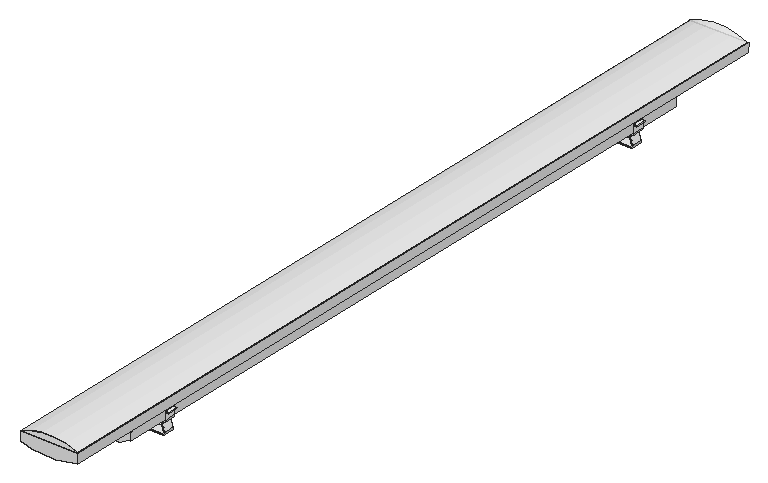
Revit family "Lighting-Industriale-GEWISS-SMART[3]PLUS-PLAFONIERA-LED-EMERGENZA_OPALE_1600mm", category Apparecchi per illuminazione, host Superficie, Revit 2019
Family settings
  Host = Superficie
  Quota connettore circolare = Usa diametro
  Tipo di parte = Normale
  Numero OmniClass = 23.80.70.11
  Titolo OmniClass = Luminaries for Internal Lighting
  Taglio con vuoti quando caricato = No
  Sorgente d'illuminazione = No
  Condiviso = No
  Punto di calcolo locali = No
Parameters (values of type "GWS3325AP957 - SMART3 PLUS 1600 EMERG DT1+DT6 HE OPAL 9 57")
  Versione file RFA = "20.0"
  URL = "https://www.gewiss.com/it/it"
  Tipologia sorgente luminosa = "LED - Non sostituibile"
  Tipologia = ""
  Tipo alimentatore = ""
  Tensione = "220-240 V "
  Temperatura di utilizzo = "ND"
  Temperatura di funzionamento = "ND"
  Temperatura di colore: = "5700 K (CRI > 90)"
  Temperatura di colore = "5700 K (CRI > 90)"
  Struttura = GEWISS - SMART 3 - GRIGIO
  Stampa 1_200 = no
  Stampa 1_100 = not(Stampa 1_200)  # yes
  Spostamento_Y_etichetta [instance] = 0 mm
  Spostamento_Y_effettivo_etichetta [instance] = 1500 mm - Spostamento_Y_etichetta  # 1500 mm
  Spostamento_X_etichetta [instance] = 0 mm
  Spostamento_X_effettivo_etichetta [instance] = 1500 mm - Spostamento_X_etichetta  # 1500 mm
  Schermo. = Gewiss - Led Acceso
  Schermo = "Opale"
  Scheda Tecnica = "https://www.gewiss.com/it/it/search?q=GWS3325AP957"
  SEO = "Plafoniera"
  Resistenza agli urti = "IK08"
  Default Elevation = 1219.2 mm
  Produttore = "GEWISS S.p.A."
  Potenza di sistema = "50 W"
  Peso (kg): = ""
  NÂ° LED (#) = ""
  Modello = "GWS3325AP957"
  Lunghezza Lampada = 1600 mm  # constant formula
  Lunghezza = "1600 mm"
  Lumen output (lm) = "5200"
  Lampada: = "LED"
  Lampada = "LED"
  LED LifeTime (L80B20) = ""
  LED Life time (L90B50) = ""
  LED Life time (L80B50) = ""
  LED Life time (L70) = ""
  Immagine tipo = GWS3158P.jpg
  IFC.TypeObject = ""
  IFC.ExportType = ""
  IFC.ExportAs = ""
  IDT = "fc3a2e1b-6a5f-4da6-a0ae-96bfc5d9bbbb"
  IDF = "85711e4a-cc34-4edf-afe5-693d24e48af9"
  Grado di protezione = "IP66/IP69"
  Glow Wire Test = "850°C"
  Garanzia = "ND"
  Ganci = GEWISS  - ALLUMINIO
  Flusso nominale (lm) = ""
  Failure rate apparecchio (50.000h, Tq=25Â° C) = ""
  Failure rate apparecchio (35.000h, Tq=35Â° C) = ""
  Descrizione = "SMART3 PLUS 1600 EMERG DT1+DT6 HE OPAL 9 57"
  Creato da GEWISS S.p.A. = ""
  Commenti sul wattaggio = "55W"
  Codice Electrocod = "2434"
  Codice EAN = ""
  Classe isolamento = "II"
  Classe di efficienza LED integrati = "A ÷ A++"
  Catalogo Serie = "SMART[3] PLUS"
  Catalogo = "LIGHTING"
  Carico apparente = 55 VA
  COBie.Tagnumber = ""
  COBie.CreatedOn = ""
  COBie.CreatebBy = ""
  COBie.ComponentRegisterItemID = ""
  COBie.Component.TagNumber = ""
  COBie.Component.Space = ""
  COBie.Component.SerialNumber = ""
  COBie.Component.InstallationDate = ""
  COBie.Component.Description = ""
  COBie.Component.BarCode = ""
  Applicazione = "Interno"
  Apparecchio a ridotta temperatura superficiale = ""
Types (7, lengths in mm): name | Temperatura di colore: | Temperatura di colore | Scheda Tecnica | Modello | Lumen output (lm) | IDT | Descrizione | Commenti sul wattaggio | Carico apparente
  (no name) | "5700 K (CRI > 90)" | "5700 K (CRI > 90)" | "https://www.gewiss.com/it/it/search?q=GWS3325AP957" | "GWS3325AP957" | "5200" | "fc3a2e1b-6a5f-4da6-a0ae-96bfc5d9bbbb" | "SMART3 PLUS 1600 EMERG DT1+DT6 HE OPAL 9 57" | "55W" | 55 VA
  GWS3325AP830 - SMART3 PLUS 1600 EMERG DT1+DT6 HE OPAL 8 30 | "3000 K (CRI > 80)" | "3000 K (CRI > 80)" | "https://www.gewiss.com/it/it/search?q=GWS3325AP830" | "GWS3325AP830" | "6300" | "dc5e4828-52ce-422c-9b6b-c38c54410b43" | "SMART3 PLUS 1600 EMERG DT1+DT6 HE OPAL 8 30" | "53W" | 53 VA
  GWS3325AP840 - SMART3 PLUS 1600 EMERG DT1+DT6 HE OPAL 8 40 | "4000 K (CRI > 80)" | "4000 K (CRI > 80)" | "https://www.gewiss.com/it/it/search?q=GWS3325AP840" | "GWS3325AP840" | "6600" | "92695f94-24f2-461d-a178-f8fbf5aad911" | "SMART3 PLUS 1600 EMERG DT1+DT6 HE OPAL 8 40" | "53W" | 53 VA
  GWS3325AP857 - SMART3 PLUS 1600 EMERG DT1+DT6 HE OPAL 8 57 | "5700 K (CRI > 80)" | "5700 K (CRI > 80)" | "https://www.gewiss.com/it/it/search?q=GWS3325AP857" | "GWS3325AP857" | "6600" | "c8afbca4-96a4-4207-8ed0-41c1df6e7fe8" | "SMART3 PLUS 1600 EMERG DT1+DT6 HE OPAL 8 57" | "53W" | 53 VA
  GWS3325AP930 - SMART3 PLUS 1600 EMERG DT1+DT6 HE OPAL 9 30 | "3000 K (CRI > 90)" | "3000 K (CRI > 90)" | "https://www.gewiss.com/it/it/search?q=GWS3325AP930" | "GWS3325AP930" | "4900" | "ed5fe9f1-9f1e-4a73-9cdc-b7d59c384a9c" | "SMART3 PLUS 1600 EMERG DT1+DT6 HE OPAL 9 30" | "55W" | 55 VA
  GWS3325AP940 - SMART3 PLUS 1600 EMERG DT1+DT6 HE OPAL 9 40 | "4000 K (CRI > 90)" | "4000 K (CRI > 90)" | "https://www.gewiss.com/it/it/search?q=GWS3325AP940" | "GWS3325AP940" | "5200" | "234f1ffd-bc96-4e99-876c-25112666cdf4" | "SMART3 PLUS 1600 EMERG DT1+DT6 HE OPAL 9 40" | "55W" | 55 VA
  GWS3325AP957 - SMART3 PLUS 1600 EMERG DT1+DT6 HE OPAL 9 57 | "5700 K (CRI > 90)" | "5700 K (CRI > 90)" | "https://www.gewiss.com/it/it/search?q=GWS3325AP957" | "GWS3325AP957" | "5200" | "fc3a2e1b-6a5f-4da6-a0ae-96bfc5d9bbbb" | "SMART3 PLUS 1600 EMERG DT1+DT6 HE OPAL 9 57" | "55W" | 55 VA
Reference planes
  plane 1 "Centro (Fronte/Retro)": y = 0
  plane 2: z = 0
  plane 3 "Centro (Sinistra/Destra)": x = 0
  plane 4: x = -1500
  plane 5: y = -1500
  plane 6: x = 0
  plane 7: y = 0
Forms (mm)
  Extrusion 1, solid, material "GEWISS  - ALLUMINIO" <- "Ganci", detail levels medium+fine
    sketch origin (0, 0, 0) x (1, 0, 0) y (0, 0, 1)
      loop
        arc (31.431, -0.002) -> (34.576, 1.589) -> (35.156, 5.066) r 3.903
        line (35.156, 5.066) -> (29.612, 23.211)
        arc (29.612, 23.211) -> (29.883, 24.381) -> (31.032, 24.73) r 1.2
        line (31.032, 24.73) -> (34.307, 23.974)
        arc (34.307, 23.974) -> (36.765, 24.53) -> (37.859, 26.8) r 2.9
        line (37.859, 26.8) -> (37.859, 38.8)
        arc (37.859, 38.8) -> (37.648, 39.694) -> (37.059, 40.4) r 2
        line (37.059, 40.4) -> (37.059, 42.71) -> (42.861, 40.598) -> (43.203, 41.538) -> (37.53, 43.603)
        arc (37.53, 43.603) -> (37.019, 43.613) -> (36.605, 43.311) r 0.8
        line (36.605, 43.311) -> (36.306, 26.139)
        arc (36.306, 26.139) -> (35.6, 25.444) -> (34.616, 25.34) r 1.5
        line (34.616, 25.34) -> (31.344, 26.095)
        arc (31.344, 26.095) -> (28.858, 25.335) -> (28.273, 22.802) r 2.6
        line (28.273, 22.802) -> (33.827, 4.636)
        arc (33.827, 4.636) -> (33.449, 2.415) -> (31.438, 1.4) r 2.5
        line (31.438, 1.4) -> (-31.437, 1.4)
        arc (-31.437, 1.4) -> (-33.449, 2.415) -> (-33.827, 4.636) r 2.5
        line (-33.827, 4.636) -> (-28.273, 22.802)
        arc (-28.273, 22.802) -> (-28.858, 25.335) -> (-31.344, 26.095) r 2.6
        line (-31.344, 26.095) -> (-34.616, 25.34)
        arc (-34.616, 25.34) -> (-35.6, 25.444) -> (-36.306, 26.139) r 1.5
        line (-36.306, 26.139) -> (-36.605, 43.311)
        arc (-36.605, 43.311) -> (-37.019, 43.613) -> (-37.53, 43.603) r 0.8
        line (-37.53, 43.603) -> (-43.203, 41.538) -> (-42.861, 40.598) -> (-37.059, 42.71) -> (-37.059, 40.4)
        arc (-37.059, 40.4) -> (-37.648, 39.694) -> (-37.859, 38.8) r 2
        line (-37.859, 38.8) -> (-37.859, 26.8)
        arc (-37.859, 26.8) -> (-36.765, 24.53) -> (-34.307, 23.974) r 2.9
        line (-34.307, 23.974) -> (-31.032, 24.73)
        arc (-31.032, 24.73) -> (-29.883, 24.381) -> (-29.612, 23.211) r 1.2
        line (-29.612, 23.211) -> (-35.156, 5.066)
        arc (-35.156, 5.066) -> (-34.576, 1.589) -> (-31.431, -0.002) r 3.903
        line (-31.431, -0.002) -> (31.431, -0.002)
    from 548.766 to 568.766
  Extrusion 2, solid, material "GEWISS  - ALLUMINIO" <- "Ganci", detail levels medium+fine
    sketch origin (0, 0, 0) x (1, 0, 0) y (0, 0, -1)
      loop
        line (31.431, 0.002) -> (-31.431, 0.002)
        arc (-31.431, 0.002) -> (-34.576, -1.589) -> (-35.156, -5.066) r 3.903
        line (-35.156, -5.066) -> (-29.612, -23.211)
        arc (-29.612, -23.211) -> (-29.883, -24.381) -> (-31.032, -24.73) r 1.2
        line (-31.032, -24.73) -> (-34.307, -23.974)
        arc (-34.307, -23.974) -> (-36.765, -24.53) -> (-37.859, -26.8) r 2.9
        line (-37.859, -26.8) -> (-37.859, -38.8)
        arc (-37.859, -38.8) -> (-37.648, -39.694) -> (-37.059, -40.4) r 2
        line (-37.059, -40.4) -> (-37.059, -42.71) -> (-42.861, -40.598) -> (-43.203, -41.538) -> (-37.53, -43.603)
        arc (-37.53, -43.603) -> (-37.019, -43.613) -> (-36.605, -43.311) r 0.8
        line (-36.605, -43.311) -> (-36.306, -26.139)
        arc (-36.306, -26.139) -> (-35.6, -25.444) -> (-34.616, -25.34) r 1.5
        line (-34.616, -25.34) -> (-31.344, -26.095)
        arc (-31.344, -26.095) -> (-28.858, -25.335) -> (-28.273, -22.802) r 2.6
        line (-28.273, -22.802) -> (-33.827, -4.636)
        arc (-33.827, -4.636) -> (-33.449, -2.415) -> (-31.437, -1.4) r 2.5
        line (-31.437, -1.4) -> (31.438, -1.4)
        arc (31.438, -1.4) -> (33.449, -2.415) -> (33.827, -4.636) r 2.5
        line (33.827, -4.636) -> (28.273, -22.802)
        arc (28.273, -22.802) -> (28.858, -25.335) -> (31.344, -26.095) r 2.6
        line (31.344, -26.095) -> (34.616, -25.34)
        arc (34.616, -25.34) -> (35.6, -25.444) -> (36.306, -26.139) r 1.5
        line (36.306, -26.139) -> (36.605, -43.311)
        arc (36.605, -43.311) -> (37.019, -43.613) -> (37.53, -43.603) r 0.8
        line (37.53, -43.603) -> (43.203, -41.538) -> (42.861, -40.598) -> (37.059, -42.71) -> (37.059, -40.4)
        arc (37.059, -40.4) -> (37.648, -39.694) -> (37.859, -38.8) r 2
        line (37.859, -38.8) -> (37.859, -26.8)
        arc (37.859, -26.8) -> (36.765, -24.53) -> (34.307, -23.974) r 2.9
        line (34.307, -23.974) -> (31.032, -24.73)
        arc (31.032, -24.73) -> (29.883, -24.381) -> (29.612, -23.211) r 1.2
        line (29.612, -23.211) -> (35.156, -5.066)
        arc (35.156, -5.066) -> (34.576, -1.589) -> (31.431, 0.002) r 3.903
    from 548.766 to 568.766
  Extrusion 3, solid, material "GEWISS - SMART 3 - GRIGIO" <- "Struttura", detail levels medium+fine
    sketch origin (0, 0, 0) x (1, 0, 0) y (0, 0, 1)
      loop
        line (-36.331, 55.757) -> (-35.847, 28.018)
        arc (-35.847, 28.018) -> (-33.139, 27.27) -> (-30.416, 26.58) r 129.5
        arc (-30.416, 26.58) -> (-28.066, 25.76) -> (-25.915, 24.506) r 13
        arc (-25.915, 24.506) -> (-24.23, 23.324) -> (-22.521, 22.178) r 99.5
        arc (-22.521, 22.178) -> (-16.401, 19.063) -> (-9.748, 17.365) r 31.146
        line (-9.748, 17.365) -> (12.491, 17.365)
        arc (12.491, 17.365) -> (17.822, 19.098) -> (22.764, 21.745) r 31.646
        arc (22.764, 21.745) -> (24.509, 22.915) -> (26.228, 24.122) r 100
        arc (26.228, 24.122) -> (28.283, 25.313) -> (30.525, 26.095) r 12.5
        arc (30.525, 26.095) -> (33.437, 26.834) -> (36.332, 27.64) r 130
        line (36.332, 27.64) -> (36.824, 55.851)
        arc (36.824, 55.851) -> (24.914, 53.937) -> (12.909, 52.764) r 195.047
        line (12.909, 52.764) -> (-12.909, 52.764)
        arc (-12.909, 52.764) -> (-24.665, 53.905) -> (-36.331, 55.757) r 195.047
    from -650 to 650
  Extrusion 4, solid, material "GEWISS - SMART 3 - GRIGIO" <- "Struttura", detail levels medium+fine
    sketch origin (0, 0, 0) x (1, 0, 0) y (0, 0, 1)
      loop
        line (54.725, 60.184) -> (55.177, 77.445) -> (-55.177, 77.445) -> (-54.725, 60.184)
        arc (-54.725, 60.184) -> (-34.019, 55.332) -> (-12.909, 52.764) r 195.047
        line (-12.909, 52.764) -> (12.909, 52.764)
        arc (12.909, 52.764) -> (34.019, 55.332) -> (54.725, 60.184) r 195.047
    from -800 to 800
  Extrusion 5, solid, material "Gewiss - Led Acceso" <- "Schermo.", detail levels medium+fine
    sketch origin (0, 0, 0) x (1, 0, 0) y (0, 0, 1)
      loop
        arc (54.697, 78.441) -> (-0.014, 90.457) -> (-54.723, 78.429) r 130.5
        arc (-54.723, 78.429) -> (-54.988, 77.838) -> (-54.5, 77.445) r 0.5
        line (-54.5, 77.445) -> (54.479, 77.445)
        arc (54.479, 77.445) -> (54.988, 77.855) -> (54.697, 78.441) r 0.522
    from -800 to 800
  Extrusion 6, solid, material "GEWISS - SMART 3 - GRIGIO" <- "Struttura", detail levels coarse
    sketch origin (0, 0, 0) x (1, 0, 0) y (0, 0, 1)
      loop
        line (-54.5, 90.439) -> (-54.5, 0) -> (54.5, 0) -> (54.5, 90.439) -> (-54.5, 90.439)
    from -800 to 800
Lines and regions (mm)
  Masking region 1
    outline origin (0, 0, 0) x (1, 0, 0) y (0, 1, 0)
      loop
        line (-55.177, 800) -> (-55.177, -800) -> (55.177, -800) -> (55.177, 800) -> (-55.177, 800)
  symbolic lines, style "GEWISS - LIGHT 2D"
    curve 1: line (0, 528.766, 0) -> (0, -511.234, 0)
Dimensions and locks
  plane 4 to plane 3 "Centro (Sinistra/Destra)" = 1500 mm
  "Spostamento_X_effettivo_etichetta": plane 4 to plane 6
  "Spostamento_Y_effettivo_etichetta": plane 7 to plane 5
  plane 1 "Centro (Fronte/Retro)" to plane 5 = 1500 mm
  aligned and locked: plane 2 to host face
  aligned and locked: level to host face
  aligned and locked: Masking region 1 sketch curve to Extrusion 4  (x4)
  aligned and locked: plane 6 to nested 1
  aligned and locked: nested 1 to plane 7
  aligned and locked: curve 1 to plane 3 "Centro (Sinistra/Destra)"
Automatic sketch dimensions
  host sketch curve to host sketch curve = 2438.4 mm  (x2)
  Extrusion 1 sketch curve to Extrusion 1 sketch curve = 0 mm  (x28)
  Extrusion 1 sketch curve to plane 3 "Centro (Sinistra/Destra)" = 43.203 mm
  level to Extrusion 1 sketch curve = 40.598 mm
  Extrusion 1 sketch curve to Extrusion 1 sketch curve = 0.342 mm  (x2)
  Extrusion 1 sketch curve to Extrusion 1 sketch curve = 5.002 mm  (x2)
  Extrusion 1 sketch curve to Extrusion 1 sketch curve = 0.329 mm
  Extrusion 1 sketch curve to Extrusion 1 sketch curve = 0.271 mm  (x2)
  Extrusion 1 sketch curve to Extrusion 1 sketch curve = 0.8 mm  (x2)
  Extrusion 1 sketch curve to Extrusion 1 sketch curve = 0.454 mm  (x2)
  Extrusion 1 sketch curve to Extrusion 1 sketch curve = 1.554 mm
  Extrusion 1 sketch curve to Extrusion 1 sketch curve = 2 mm
  level to Extrusion 1 sketch curve = 5.066 mm  (x2)
  Extrusion 1 sketch curve to Extrusion 1 sketch curve = 1.15 mm
  Extrusion 1 sketch curve to Extrusion 1 sketch curve = 1.346 mm  (x2)
  Extrusion 1 sketch curve to Extrusion 1 sketch curve = 0.343 mm  (x2)
  level to Extrusion 1 sketch curve = 4.636 mm  (x2)
  Extrusion 1 sketch curve to Extrusion 1 sketch curve = 1.329 mm  (x2)
  level to Extrusion 1 sketch curve = 1.4 mm
  Extrusion 1 sketch curve to Extrusion 1 sketch curve = 2.389 mm  (x2)
  Extrusion 1 sketch curve to Extrusion 1 sketch curve = 0.007 mm  (x2)
  Extrusion 1 sketch curve to Extrusion 1 sketch curve = 3.584 mm  (x2)
  Extrusion 1 sketch curve to Extrusion 1 sketch curve = 0.273 mm  (x2)
  plane 3 "Centro (Sinistra/Destra)" to Extrusion 1 sketch curve = 30.759 mm
  Extrusion 1 sketch curve to level = 0.002 mm
  Extrusion 1 sketch curve to Extrusion 1 sketch curve = 0.672 mm
  Extrusion 1 sketch curve to Extrusion 1 sketch curve = 0.9 mm
  level to Extrusion 1 sketch curve = 26.139 mm
  Extrusion 1 sketch curve to Extrusion 1 sketch curve = 0.746 mm
  Extrusion 1 sketch curve to Extrusion 1 sketch curve = 0.2 mm
  Extrusion 1 sketch curve to Extrusion 1 sketch curve = 2.577 mm
  Extrusion 1 sketch curve to Extrusion 1 sketch curve = 18.496 mm
  Extrusion 1 sketch curve to Extrusion 1 sketch curve = 1.169 mm  (x2)
  Extrusion 1 sketch curve to Extrusion 1 sketch curve = 0.799 mm  (x2)
  Extrusion 1 sketch curve to Extrusion 1 sketch curve = 0.609 mm
  Extrusion 1 sketch curve to Extrusion 1 sketch curve = 1.798 mm  (x2)
  Extrusion 1 sketch curve to Extrusion 1 sketch curve = 12 mm
  Extrusion 1 sketch curve to Extrusion 1 sketch curve = 0.94 mm  (x2)
  Extrusion 1 sketch curve to Extrusion 1 sketch curve = 0.14 mm  (x2)
  Extrusion 1 sketch curve to Extrusion 1 sketch curve = 0.309 mm  (x2)
  Extrusion 1 sketch curve to Extrusion 1 sketch curve = 0.312 mm  (x2)
  Extrusion 1 sketch curve to Extrusion 1 sketch curve = 1.148 mm  (x2)
  Extrusion 1 sketch curve to Extrusion 1 sketch curve = 1.339 mm
  Extrusion 1 sketch curve to Extrusion 1 sketch curve = 2.486 mm
  Extrusion 1 sketch curve to Extrusion 1 sketch curve = 0.409 mm  (x2)
  Extrusion 2 sketch curve to Extrusion 2 sketch curve = 0 mm  (x28)
  Extrusion 2 sketch curve to plane 3 "Centro (Sinistra/Destra)" = 43.203 mm
  level to Extrusion 2 sketch curve = 40.598 mm
  Extrusion 2 sketch curve to Extrusion 2 sketch curve = 0.342 mm  (x2)
  Extrusion 2 sketch curve to Extrusion 2 sketch curve = 5.002 mm  (x2)
  Extrusion 2 sketch curve to Extrusion 2 sketch curve = 0.329 mm
  Extrusion 2 sketch curve to Extrusion 2 sketch curve = 0.271 mm  (x2)
  Extrusion 2 sketch curve to Extrusion 2 sketch curve = 0.8 mm  (x2)
  Extrusion 2 sketch curve to Extrusion 2 sketch curve = 0.454 mm  (x2)
  Extrusion 2 sketch curve to Extrusion 2 sketch curve = 1.554 mm
  Extrusion 2 sketch curve to Extrusion 2 sketch curve = 2 mm
  level to Extrusion 2 sketch curve = 5.066 mm  (x2)
  Extrusion 2 sketch curve to Extrusion 2 sketch curve = 1.15 mm
  Extrusion 2 sketch curve to Extrusion 2 sketch curve = 1.346 mm  (x2)
  Extrusion 2 sketch curve to Extrusion 2 sketch curve = 0.343 mm  (x2)
  level to Extrusion 2 sketch curve = 4.636 mm  (x2)
  Extrusion 2 sketch curve to Extrusion 2 sketch curve = 1.329 mm  (x2)
  level to Extrusion 2 sketch curve = 1.4 mm
  Extrusion 2 sketch curve to Extrusion 2 sketch curve = 2.389 mm  (x2)
  Extrusion 2 sketch curve to Extrusion 2 sketch curve = 0.007 mm  (x2)
  Extrusion 2 sketch curve to Extrusion 2 sketch curve = 3.584 mm  (x2)
  Extrusion 2 sketch curve to Extrusion 2 sketch curve = 0.273 mm  (x2)
  plane 3 "Centro (Sinistra/Destra)" to Extrusion 2 sketch curve = 30.759 mm
  Extrusion 2 sketch curve to level = 0.002 mm
  Extrusion 2 sketch curve to Extrusion 2 sketch curve = 0.672 mm
  Extrusion 2 sketch curve to Extrusion 2 sketch curve = 0.9 mm
  level to Extrusion 2 sketch curve = 26.139 mm
  Extrusion 2 sketch curve to Extrusion 2 sketch curve = 0.746 mm
  Extrusion 2 sketch curve to Extrusion 2 sketch curve = 0.2 mm
  Extrusion 2 sketch curve to Extrusion 2 sketch curve = 14.46 mm
  Extrusion 2 sketch curve to Extrusion 2 sketch curve = 0.94 mm  (x2)
  Extrusion 2 sketch curve to Extrusion 2 sketch curve = 0.14 mm  (x2)
  Extrusion 2 sketch curve to Extrusion 2 sketch curve = 2.31 mm  (x2)
  Extrusion 2 sketch curve to Extrusion 2 sketch curve = 12 mm
  Extrusion 2 sketch curve to Extrusion 2 sketch curve = 0.661 mm  (x2)
  Extrusion 2 sketch curve to Extrusion 2 sketch curve = 0.609 mm  (x2)
  Extrusion 2 sketch curve to Extrusion 2 sketch curve = 1.169 mm  (x2)
  Extrusion 2 sketch curve to Extrusion 2 sketch curve = 0.309 mm  (x2)
  Extrusion 2 sketch curve to Extrusion 2 sketch curve = 0.312 mm  (x2)
  Extrusion 2 sketch curve to Extrusion 2 sketch curve = 1.148 mm  (x2)
  Extrusion 2 sketch curve to Extrusion 2 sketch curve = 1.339 mm
  Extrusion 2 sketch curve to Extrusion 2 sketch curve = 2.486 mm
  Extrusion 2 sketch curve to Extrusion 2 sketch curve = 1.365 mm  (x2)
  Extrusion 3 sketch curve to plane 3 "Centro (Sinistra/Destra)" = 36.331 mm
  Extrusion 3 sketch curve to Extrusion 3 sketch curve = 0.484 mm
  Extrusion 3 sketch curve to Extrusion 3 sketch curve = 2.34 mm
  Extrusion 3 sketch curve to plane 3 "Centro (Sinistra/Destra)" = 32.068 mm
  Extrusion 3 sketch curve to plane 3 "Centro (Sinistra/Destra)" = 12.909 mm
  Extrusion 3 sketch curve to plane 3 "Centro (Sinistra/Destra)" = 9.748 mm
  Extrusion 3 sketch curve to plane 3 "Centro (Sinistra/Destra)" = 5.421 mm
  Extrusion 3 sketch curve to plane 3 "Centro (Sinistra/Destra)" = 0.057 mm
  Extrusion 3 sketch curve to plane 3 "Centro (Sinistra/Destra)" = 0.007 mm
  Extrusion 3 sketch curve to plane 3 "Centro (Sinistra/Destra)" = 0.001 mm
  plane 3 "Centro (Sinistra/Destra)" to Extrusion 3 sketch curve = 0.057 mm
  plane 3 "Centro (Sinistra/Destra)" to Extrusion 3 sketch curve = 5.412 mm
  plane 3 "Centro (Sinistra/Destra)" to Extrusion 3 sketch curve = 12.491 mm
  Extrusion 3 sketch curve to Extrusion 3 sketch curve = 7.496 mm
  plane 3 "Centro (Sinistra/Destra)" to Extrusion 3 sketch curve = 32.059 mm
  Extrusion 3 sketch curve to Extrusion 3 sketch curve = 21.008 mm
  Extrusion 3 sketch curve to Extrusion 3 sketch curve = 2.833 mm
  Extrusion 3 sketch curve to Extrusion 3 sketch curve = 23.916 mm
  level to Extrusion 3 sketch curve = 13.953 mm  (x2)
  level to Extrusion 3 sketch curve = 17.365 mm  (x2)
  Extrusion 3 sketch curve to Extrusion 3 sketch curve = 13.687 mm
  Extrusion 3 sketch curve to Extrusion 3 sketch curve = 14.064 mm
  Extrusion 3 sketch curve to Extrusion 3 sketch curve = 30.844 mm
  Extrusion 3 sketch curve to Extrusion 3 sketch curve = 0 mm  (x3)
  Extrusion 3 sketch curve to Extrusion 3 sketch curve = 4.555 mm
  Extrusion 3 sketch curve to Extrusion 3 sketch curve = 2.993 mm
  Extrusion 3 sketch curve to Extrusion 3 sketch curve = 3.087 mm
  Extrusion 3 sketch curve to Extrusion 3 sketch curve = 49.52 mm
  Extrusion 3 sketch curve to Extrusion 3 sketch curve = 49.615 mm
  Extrusion 3 sketch curve to Extrusion 3 sketch curve = 47.089 mm
  Extrusion 3 sketch curve to Extrusion 3 sketch curve = 5.431 mm
  Extrusion 3 sketch curve to Extrusion 3 sketch curve = 4.5 mm
  Extrusion 3 sketch curve to Extrusion 3 sketch curve = 10.273 mm
  Extrusion 3 sketch curve to Extrusion 3 sketch curve = 3.465 mm
  Extrusion 3 sketch curve to Extrusion 3 sketch curve = 4.297 mm
  Extrusion 4 sketch curve to plane 3 "Centro (Sinistra/Destra)" = 55.177 mm
  Extrusion 4 sketch curve to Extrusion 4 sketch curve = 0.452 mm  (x2)
  Extrusion 4 sketch curve to plane 3 "Centro (Sinistra/Destra)" = 12.909 mm
  Extrusion 4 sketch curve to plane 3 "Centro (Sinistra/Destra)" = 0.057 mm
  plane 3 "Centro (Sinistra/Destra)" to Extrusion 4 sketch curve = 0.057 mm
  plane 3 "Centro (Sinistra/Destra)" to Extrusion 4 sketch curve = 12.909 mm
  Extrusion 4 sketch curve to Extrusion 4 sketch curve = 41.816 mm
  level to Extrusion 4 sketch curve = 52.764 mm
  Extrusion 4 sketch curve to Extrusion 4 sketch curve = 7.42 mm  (x2)
  Extrusion 4 sketch curve to Extrusion 4 sketch curve = 17.262 mm
  Extrusion 5 sketch curve to plane 3 "Centro (Sinistra/Destra)" = 0 mm
  Extrusion 5 sketch curve to plane 3 "Centro (Sinistra/Destra)" = 54.5 mm
  plane 3 "Centro (Sinistra/Destra)" to Extrusion 5 sketch curve = 54.479 mm
  Extrusion 5 sketch curve to level = 40.043 mm
  level to Extrusion 5 sketch curve = 77.445 mm
  Extrusion 5 sketch curve to Extrusion 5 sketch curve = 0.5 mm
  Extrusion 5 sketch curve to Extrusion 5 sketch curve = 0.522 mm
  Extrusion 5 sketch curve to Extrusion 5 sketch curve = 0.21 mm
  Extrusion 5 sketch curve to Extrusion 5 sketch curve = 0.014 mm
  Extrusion 5 sketch curve to Extrusion 5 sketch curve = 0 mm
  Extrusion 6 sketch curve to level = 0 mm
  Extrusion 6 sketch curve to plane 3 "Centro (Sinistra/Destra)" = 54.5 mm
  plane 3 "Centro (Sinistra/Destra)" to Extrusion 6 sketch curve = 54.5 mm
  Extrusion 6 sketch curve to Extrusion 6 sketch curve = 90.439 mm
  plane 1 "Centro (Fronte/Retro)" to curve 1 = 511.234 mm
  curve 1 to plane 1 "Centro (Fronte/Retro)" = 528.766 mm
Nested families
  nested 1: "ETICHETTA WATTAGGIO" at (0, 0, 0), type "ETICHETTA WATTAGGIO"
Connectors
  electrical at (0, 0, 0), driven by "Carico apparente"
    settings: on Masking region 1, index 1, voltage 230 V, apparent load 0 VA, apparent load phase1 55 VA, apparent load phase2 0 VA, apparent load phase3 0 VA, power factor 1, load classification "Illuminazione", number of poles 2, system type 31, power factor state 1, is connector primary yes, connector utility no, sub classification motor no, connector description ""
Definition of nested family "ETICHETTA WATTAGGIO"
  Parameters (values of type "ETICHETTA WATTAGGIO")
    GW - Potenza di sistema = ""
    GW - Numero LED = ""
    COMMENTI = "13W"
    1_200 = no
    1_100 = yes
  Reference planes
    plane 1: y = 0
    plane 2: x = 0
  Text (mm)
    label "GW - Potenza di sistema\nGW - Numero LED LED" at (-0.057, -0.214, 0), shows "GW - Potenza di sistema", "GW - Numero LED", visible <- "1_100"
    label "GW - Potenza di sistema\nGW - Numero LED LED " at (-0.057, -0.214, 0), shows "GW - Potenza di sistema", "GW - Numero LED", visible <- "1_200"
